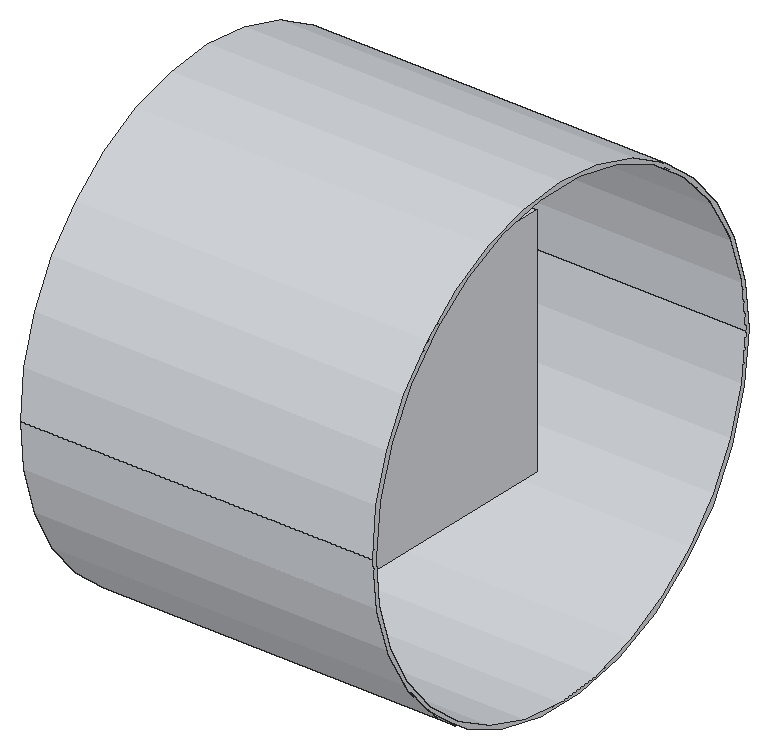
Revit family "RDS", category Duct Accessories, Revit 2021
Family settings
  Round Connector Dimension = Use Diameter
  Part Type = Attaches To
  Work Plane-Based = Yes
  Always vertical = Yes
  Cut with Voids When Loaded = No
  Shared = No
Parameters
  TS_Point_Number [instance] = GTP_PointNumber_0  # ""
  TS_Point_Description [instance] = "RDS"
  Length [instance] = 0' - 1 1/2"
  Inner Diameter [instance] = Diameter - 0' 0 1/32"  # 0' - 1 31/32"
  GTP_PointRole_0 [instance] = ""
  GTP_PointNumber_0 [instance] = ""
  GTP_PointElement_0 [instance] = ""
  GTP_LinkedParam_0 [instance] = "GTP_PointNumber_0"
  Diameter [instance] = 0' - 2"
  Default Elevation = 4' - 0"
Reference planes (in)
  plane 1 "Center (Front/Back)": y = 0
  plane 2: z = 0
  plane 3 "Center (Left/Right)": x = 0
  plane 4: x = 1.5
Forms (in)
  Extrusion 1, solid
    sketch origin (0, 0, 3) x (0, 1, 0) y (0, 0, 1)
      loop
        circle (0, -3) r 1
      loop
        circle (0, -3) r 0.98438
    from 1.5 to 0
Dimensions and locks (in)
  "Length": plane 3 "Center (Left/Right)" to plane 4
  "Diameter": diameter of Extrusion 1 sketch curve
  "Inner Diameter": diameter of Extrusion 1 sketch curve
  aligned and locked: plane 2 to level
  aligned and locked: Extrusion 1 to plane 4
  aligned and locked: plane 3 "Center (Left/Right)" to Extrusion 1
  aligned and locked: nested 1 to plane 3 "Center (Left/Right)"
Automatic sketch dimensions
  Extrusion 1 sketch curve to Extrusion 1 sketch curve = 0' - 0"  (x2)
  Extrusion 1 sketch curve to level = 0' - 0"
  Extrusion 1 sketch curve to plane 1 "Center (Front/Back)" = 0' - 0"
Nested families (in)
  nested 1: "GTP" at (0.5, 0, 0), PointNumber <- "GTP_PointNumber_0", PointRole <- "GTP_PointRole_0", PointElement <- "GTP_PointElement_0", LinkedParam <- "GTP_LinkedParam_0", PointDescription <- "TS_Point_Description", type "Generic Pt"
    with PointRole "", PointNumber "", PointElement "", PointDescription "RDS", LinkedParam "GTP_PointNumber_0"
Definition of nested family "GTP"
  Parameters (values of type "Generic Pt")
    URL = ""
    PointRole [instance] = "Stake Out"
    PointNumber [instance] = ""
    PointElement [instance] = ""
    PointDescription [instance] = "Generic Pt"
    Manufacturer = "Autodesk Inc."
    LinkedParam [instance] = ""
    Default Elevation = 0' - 0"
  Reference planes (in)
    plane 1 "Center (Front/Back)": y = 0
    plane 2: z = 0
    plane 3 "Center (Left/Right)": x = 0
  Forms (in)
    Extrusion 1, solid, detail levels medium+fine
      sketch origin (0, 0, 0) x (1, 0, 0) y (0, 1, 0)
        loop
          line (0.5, -0.5) -> (0.5, 0.5) -> (-0.5, 0.5) -> (-0.5, -0.5) -> (0.5, -0.5)
      from -0.5 to 0.5
  Lines and regions (in)
    model lines, detail levels coarse+medium
      curve 1: line (0, 0.5, 0) -> (0, 0, 0)
      curve 2: line (-0.5, 0, 0) -> (0, 0, 0)
      curve 3: line (0, 0, -0.5) -> (0, 0, 0)
      curve 4: line (0, 0, 0) -> (0.5, 0, 0)
      curve 5: line (0, 0, 0) -> (0, -0.5, 0)
      curve 6: line (0, 0, 0) -> (0, 0, 0.5)
